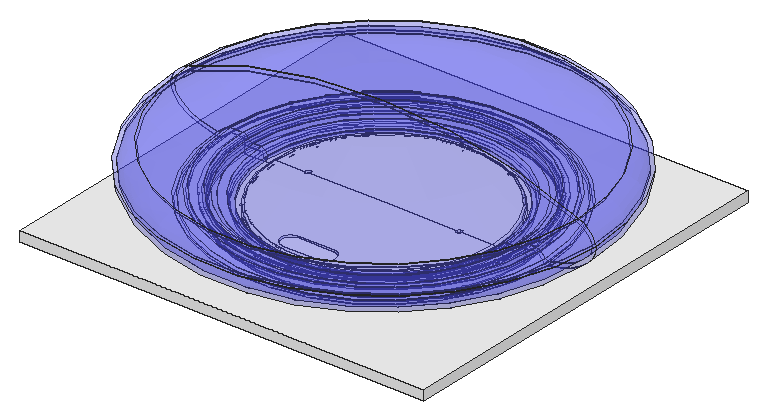
Revit family "BE_23414_de_DE", category Leuchten, Revit 2020
Family settings
  Basisbauteil = Fläche
  Bemaßung runder Anschluss = Durchmesser verwenden
  Teiletyp = Normal
  Beim Laden mit Abzugskörper schneiden = Ja
  Lichtquelle = Ja
  Gemeinsam genutzt = Nein
  Raumberechnungspunkt = Ja
Parameters (values of type "BEGA_23414_K3")
  built-in parameter 1150104 = 12.626 (stored number, unit not read)
  Wattage = 17.4 W
  Default Elevation = 0 mm
  built-in parameter 1150113 = 1 (stored number, unit not read)
  built-in parameter 1114218 = 1 (stored number, unit not read)
  Umgebungstemperatur = "25 °C"
  URL = "http://www.bega.de/de/produkt/23414"
  Typenkommentare = "© 2022 BEGA. Wir behalten uns das Recht vor, technische Änderungen ohne vorherige Ankündigung vorzunehmen."  # constant formula
  built-in parameter 1150134 = 12
  built-in parameter 1150109 = 1 (stored number, unit not read)
  Strom = ""
  built-in parameter 1150110 = 1 (stored number, unit not read)
  Spannung = 239.996 V
  Sonderanfertigung = no
  Seriennummer [instance] = "Hier können Sie die eindeutige Seriennummer für das Facility Management eintragen."
  Schutzklasse = "I"
  Schutzart = "IP 20"
  Scheinlast = 0 VA
  Produktdatenblatt = "http://www.bega.de/download/Xrfa/db/23414.db.de.pdf"
  Oberflächentemperatur = ""
  Neigungswinkel = 0.00°
  Model = "23414K4"
  Material_17 = BEGA_Reflektor
  Material_15 = BEGA_Leuchtmedium_matt
  Material_11 = BEGA_Glas_opal
  Material_09 = BEGA_Glas_klar
  Material_06 = BEGA_Oberfläche_Edelstahl_gebürstet
  Material_05 = BEGA_Oberfläche_Aluminium Guss
  Material_03 = BEGA_Oberfläche_Weiss_matt
  Material_02 = BEGA_Oberfläche_Silber_matt
  Material_01 [instance] = BEGA_Oberfläche_Grafit_matt
  M_W = no
  M_G = no
  M_A = no
  Logo = 0
  built-in parameter 1114217 = 1 (stored number, unit not read)
  built-in parameter 1150139 = (empty or 0)
  built-in parameter 1150105 = 711.9 (stored number, unit not read)
  built-in parameter 1150114 = 1 (stored number, unit not read)
  Lumens = 2364.66 lm
  built-in parameter 1150115 = 1 (stored number, unit not read)
  Leuchtenlichtstrom = "1710 lm"
  Leuchtenanzahl = ""
  Lebensdauerkriterien = "L70B50 @ 25 °C = 325000 h"
  Lastklassifizierung = Beleuchtung
  built-in parameter 1150112 = 1 (stored number, unit not read)
  Lampenlichtstrom = "2230 lm"
  Lamp = "LED 17.4 W"
  LED_Modulbezeichnung = "LED-0530/940"
  Hersteller = "BEGA"  # constant formula
  Halbstreuwinkel = ""
  Gewicht = "3.5 kg"
  Gebrauchslageneinschränkung [instance] = ""
  Frequenz = "0/50-60 Hz"
  Farbwiedergabeindex = "CRI > 90"
  Farbtemperaturverschiebung bei Dämpfen der Lampe = <Keine Auswahl>
  Farbtemperatur = "4000 K"
  Color Filter = 16777215
  built-in parameter 1150133 = 10 (stored number, unit not read)
  Energieeffizienzklasse = "LED A++ - A"
  built-in parameter 1150137 = (empty or 0)
  built-in parameter 1150132 = (empty or 0)
  ENEC = "ja"
  Dimmbar [instance] = ""
  Photometric Web File = "BE_23414K4.IES"
  CE_Konformität = "ja"
  Bestellnummer = "23414K4"
  Beschreibung_Sonderanfertigung = "Hier können Sie Informationen zur Sonderanfertigung eintragen."
  Beschreibung = "Decken- und Wandleuchte"
  built-in parameter 1150106 = 7.119 (stored number, unit not read)
  Befestigungsbohrung = "Ø 5,5 mm"
  Befestigungsabstand = "150 mm"
  Ballwurfsicher = ""
  BEGA_Intern_aus = yes
  BEGA_Intern_an = yes
  BEGA_Intern_Konstruktion = yes
  BEGA_Intern = yes
  BEGA_IES = yes
  BEGA_Dummy = no
  Anschlussleitung = ""
  Anschlussleistung [instance] = "20 W"
  Anschlusskasten = ""
  built-in parameter 1150107 = 4000 (stored number, unit not read)
  built-in parameter 1150102 = (empty or 0)
  built-in parameter 1150138 = (empty or 0)
  Aktualisierung = "2019-07-05T04:00:16"
  Abstand_zur_angestrahlten_Fläche [instance] = ""
  AC/DC = "AC/DC"
Reference planes
  plane 1 "Mitte (Vorne/Hinten)": y = 0
  plane 2: z = 0
  plane 3 "Mitte (Links/Rechts)": x = 0
  plane 4 "Links": x = -210.215
  plane 5 "Rechts": x = 210.215
  plane 6 "Unten": y = -210.2
  plane 7 "Oben": y = 210.2
  plane 8 "Vorne": z = 97.74
  plane 9 "Hinten": z = 0
Forms (mm)
  Extrusion 1, solid, material "BEGA_Platte_Weiss"
    sketch origin (0, -1119.2, 0) x (1, 0, 0) y (0, 1, 0)
      loop
        line (-200, 1319.2) -> (-200, 919.2) -> (200, 919.2) -> (200, 1319.2) -> (-200, 1319.2)
    from 0 to -10
  Extrusion 2, solid, material "BEGA_Dummy_matt", visible <- "BEGA_Dummy"
    sketch origin (77.149, -76.023, 0) x (1, 0, 0) y (0, 1, 0)
      loop
        circle (-77.149, 76.023) r 210
    from 0 to 97.74
Dimensions and locks
  plane 1 "Mitte (Vorne/Hinten)" to Extrusion 1 = 200 mm
  aligned and locked: plane 2 to Extrusion 1
  aligned and locked: level to Extrusion 1
Nested families
  nested 1: "BE_23414" at (0, 0, 0), type "BE_23414"
Connectors
  electrical at (0, 0, 0), driven by "Lastklassifizierung", driven by "Spannung", driven by "Scheinlast"
    settings: index 1, voltage 239.996 V, apparent load 0 VA, apparent load phase1 0 VA, apparent load phase2 0 VA, apparent load phase3 0 VA, power factor 1, load classification "Beleuchtung", number of poles 1, system type 31, power factor state 1, is connector primary yes, connector utility no, sub classification motor no, connector description ""
Definition of nested family "BE_23414"
  Parameters (values of type "BE_23414")
    Default Elevation = 1 mm
    URL = "http://www.bega.de/de/produkt"
    Type Comments = "© 2015 BEGA. Wir behalten uns das Recht vor, technische Änderungen ohne vorherige Ankündigung vorzunehmen. "  # constant formula
    Type Image = (empty or 0)
    Neigungswinkel_um_Z2 = 0.00°
    Neigungswinkel_um_Z1 = 0.00°
    Neigungswinkel_um_Y2 = 0.00°
    Neigungswinkel_um_Y1 = 0.00°
    Neigungswinkel_um_X2 = 0.00°
    Neigungswinkel_um_X1 = 0.00°
    Material_17 = none
    Material_15 = none
    Material_11 = none
    Material_09 = none
    Material_06 = none
    Material_05 = none
    Material_03 = none
    Material_02 = none
    Material_01 = none
    M_W = yes
    M_G = yes
    M_A = yes
    Länge_Platte = 500 mm  # constant formula
    Höhe_Platte = -10 mm  # constant formula
    Manufacturer = "BEGA"  # constant formula
    Drehwinkel_um_Z2 = 0.00°
    Drehwinkel_um_Z1 = 0.00°
    Breite_Platte = 500 mm  # constant formula
  Reference planes
    plane 1 "Mitte (Oben/Unten)": y = 0
    plane 2: z = 0
    plane 3 "Mitte (Links/Rechts)": x = 0
    plane 4: x = -210.215
    plane 5: z = 97.74
    plane 6: x = 210.215
    plane 7: y = -210.2
    plane 8: y = 210.2
  Forms (mm)
    Extrusion 1, solid, detail levels medium
      sketch origin (0, 0, 0) x (1, 0, 0) y (0, 1, 0)
        loop
          line (-250, 250) -> (-250, -250) -> (250, -250) -> (250, 250) -> (-250, 250)
      from 0 to -10 <- "Höhe_Platte"
    Revolve 2, solid, material <- "Material_03", detail levels medium+fine
      sketch origin (0, 0, 0) x (1, 0, 0) y (0, 0, 1)
        loop
          arc (-139.675, 3.433) -> (-139.066, 2.062) -> (-137.676, 1.5) r 2
          line (-137.676, 1.5) -> (-110.724, 1.5)
          arc (-110.724, 1.5) -> (-109.334, 2.062) -> (-108.725, 3.433) r 2
          line (-108.725, 3.433) -> (-108.652, 5.534)
          arc (-108.652, 5.534) -> (-108.352, 6.215) -> (-107.665, 6.5) r 1
          line (-107.665, 6.5) -> (0, 6.5) -> (0, 7.75) -> (-107.894, 7.75)
          arc (-107.894, 7.75) -> (-109.284, 7.188) -> (-109.893, 5.817) r 2
          line (-109.893, 5.817) -> (-109.966, 3.713)
          arc (-109.966, 3.713) -> (-110.272, 3.03) -> (-110.966, 2.75) r 1
          line (-110.966, 2.75) -> (-137.434, 2.75)
          arc (-137.434, 2.75) -> (-138.129, 3.031) -> (-138.434, 3.716) r 1
          line (-138.434, 3.716) -> (-138.813, 14.567)
          arc (-138.813, 14.567) -> (-139.415, 15.932) -> (-140.794, 16.5) r 2
          line (-140.794, 16.5) -> (-144, 16.5) -> (-143.976, 15.25) -> (-140.811, 15.25)
          arc (-140.811, 15.25) -> (-140.291, 15.04) -> (-140.062, 14.526) r 0.75
          line (-140.062, 14.526) -> (-139.675, 3.433)
        axis (0, 1.5) -> (0, 16.5)
      angle from 0 to 360
    Revolve 3, solid, material <- "Material_03", detail levels medium+fine
      sketch origin (58.505, 36.446, 0) x (0.573577, -0.819152, 0) y (0, 0, 1)
        loop
          arc (-108.84, 2.037) -> (-105.568, 0.52) -> (-102, 0) r 12.498
          line (-102, 0) -> (-102, 2.037) -> (-108.84, 2.037)
        axis (-102, 0) -> (-102, 2.037)
      angle from 0 to 360
    Extrusion 4, void
      sketch origin (0, 0, 0) x (1, 0, 0) y (0, 1, 0)
        loop
          line (17, -83) -> (-17, -83)
          arc (-17, -83) -> (-27, -93) -> (-17, -103) r 10
          line (-17, -103) -> (17, -103)
          arc (17, -103) -> (27, -93) -> (17, -83) r 10
        loop
          circle (75, 0) r 2.75
        loop
          circle (-75, 0) r 2.75
      from 0 to 10
    Revolve 5, solid, material <- "Material_11", detail levels medium+fine
      sketch origin (0, 0, 0) x (1, 0, 0) y (0, 0, 1)
        loop
          spline (0, 97.74) -> (-16.977, 97.476) -> (-33.914, 96.685) -> (-50.773, 95.367) -> (-67.514, 93.528) -> (-84.099, 91.17) -> (-100.489, 88.3) -> (-116.646, 84.923) -> (-132.533, 81.048) -> (-148.112, 76.683) -> (-163.349, 71.839) -> (-178.207, 66.528) -> (-192.652, 60.76)
          spline (-192.652, 60.76) -> (-195.132, 59.634) -> (-197.461, 58.406) -> (-199.626, 57.083) -> (-201.618, 55.673) -> (-203.424, 54.183) -> (-205.035, 52.621) -> (-206.443, 50.994) -> (-207.641, 49.312) -> (-208.621, 47.584) -> (-209.38, 45.818) -> (-209.912, 44.024) -> (-210.215, 42.211)
          spline (-210.215, 42.211) -> (-210.188, 38.414) -> (-209.323, 34.644) -> (-207.632, 30.95) -> (-205.135, 27.379) -> (-201.867, 23.977) -> (-197.867, 20.789) -> (-193.19, 17.856) -> (-187.893, 15.215) -> (-182.047, 12.901) -> (-175.727, 10.943) -> (-169.014, 9.367) -> (-161.994, 8.193)
          arc (-161.994, 8.193) -> (-160.626, 8.319) -> (-159.458, 9.042) r 3
          line (-159.458, 9.042) -> (-152.885, 15.615)
          arc (-152.885, 15.615) -> (-151.912, 16.269) -> (-150.763, 16.5) r 3
          line (-150.763, 16.5) -> (-138.5, 16.5)
          arc (-138.5, 16.5) -> (-137.439, 16.061) -> (-137, 15) r 1.5
          line (-137, 15) -> (-137, 11.5)
          arc (-137, 11.5) -> (-136.561, 10.439) -> (-135.5, 10) r 1.5
          line (-135.5, 10) -> (-120.5, 10)
          arc (-120.5, 10) -> (-119.439, 9.561) -> (-119, 8.5) r 1.5
          line (-119, 8.5) -> (-119, 4.5) -> (-115, 4.5) -> (-115, 8.172)
          arc (-115, 8.172) -> (-116.816, 12.303) -> (-120.998, 14) r 6
          line (-120.998, 14) -> (-128.97, 14)
          arc (-128.97, 14) -> (-131.686, 14.806) -> (-133.527, 16.959) r 5
          arc (-133.527, 16.959) -> (-135.741, 19.538) -> (-139, 20.5) r 6
          line (-139, 20.5) -> (-151.596, 20.5)
          arc (-151.596, 20.5) -> (-153.51, 20.115) -> (-155.13, 19.027) r 5
          line (-155.13, 19.027) -> (-160.14, 14.016)
          arc (-160.14, 14.016) -> (-161.765, 12.927) -> (-163.684, 12.544) r 5
          spline (-163.684, 12.544) -> (-170.174, 13.748) -> (-176.352, 15.313) -> (-182.13, 17.213) -> (-187.422, 19.419) -> (-192.159, 21.886) -> (-196.273, 24.562) -> (-199.703, 27.395) -> (-202.414, 30.315) -> (-204.396, 33.254) -> (-205.665, 36.154) -> (-206.267, 38.995) -> (-206.237, 41.8)
          spline (-206.237, 41.8) -> (-206.016, 43.122) -> (-205.62, 44.455) -> (-205.04, 45.802) -> (-204.268, 47.16) -> (-203.3, 48.52) -> (-202.13, 49.87) -> (-200.759, 51.2) -> (-199.189, 52.494) -> (-197.429, 53.741) -> (-195.487, 54.927) -> (-193.372, 56.041) -> (-191.1, 57.074)
          spline (-191.1, 57.074) -> (-176.778, 62.792) -> (-162.045, 68.058) -> (-146.934, 72.86) -> (-131.482, 77.188) -> (-115.724, 81.03) -> (-99.696, 84.379) -> (-83.437, 87.225) -> (-66.983, 89.563) -> (-50.374, 91.387) -> (-33.648, 92.693) -> (-16.843, 93.478) -> (0, 93.74)
          line (0, 93.74) -> (0, 97.74)
        axis (0, 97.74) -> (0, 4.5)
      angle from 0 to 360
    Revolve 6, solid, material <- "Material_03", detail levels medium+fine
      sketch origin (36.446, -58.505, 0) x (-0.819152, -0.573577, 0) y (0, 0, 1)
        loop
          arc (-108.84, 2.037) -> (-105.568, 0.52) -> (-102, 0) r 12.498
          line (-102, 0) -> (-102, 2.037) -> (-108.84, 2.037)
        axis (-102, 0) -> (-102, 2.037)
      angle from 0 to 360
    Revolve 7, solid, material <- "Material_03", detail levels medium+fine
      sketch origin (-36.446, 58.505, 0) x (0.819152, 0.573577, 0) y (0, 0, 1)
        loop
          arc (-108.84, 2.037) -> (-105.568, 0.52) -> (-102, 0) r 12.498
          line (-102, 0) -> (-102, 2.037) -> (-108.84, 2.037)
        axis (-102, 0) -> (-102, 2.037)
      angle from 0 to 360
    Revolve 8, solid, material <- "Material_03", detail levels medium+fine
      sketch origin (-58.505, -36.446, 0) x (-0.573577, 0.819152, 0) y (0, 0, 1)
        loop
          arc (-108.84, 2.037) -> (-105.568, 0.52) -> (-102, 0) r 12.498
          line (-102, 0) -> (-102, 2.037) -> (-108.84, 2.037)
        axis (-102, 0) -> (-102, 2.037)
      angle from 0 to 360
  Cuts and joins
    Extrusion 4 cuts Revolve 2
    joined: Revolve 2, Revolve 3, Revolve 6, Revolve 7, Revolve 8
  Dimensions and locks
    equal spacing: Extrusion 1 sketch curve, plane 3 "Mitte (Links/Rechts)", Extrusion 1 sketch curve
    equal spacing: Extrusion 1 sketch curve, plane 1 "Mitte (Oben/Unten)", Extrusion 1 sketch curve
    "Länge_Platte": Extrusion 1 sketch curve to Extrusion 1 sketch curve
    "Breite_Platte": Extrusion 1 sketch curve to Extrusion 1 sketch curve
    aligned and locked: Extrusion 1 to plane 2
    aligned and locked: level to Extrusion 1
  Automatic sketch dimensions
    Revolve 2 sketch curve to plane 3 "Mitte (Links/Rechts)" = 0 mm  (x2)
    level to Revolve 2 sketch curve = 2.75 mm
    Revolve 2 sketch curve to Revolve 2 sketch curve = 0.241 mm  (x3)
    level to Revolve 2 sketch curve = 3.716 mm
    Revolve 2 sketch curve to Revolve 2 sketch curve = 0.758 mm
    level to Revolve 2 sketch curve = 14.567 mm
    Revolve 2 sketch curve to Revolve 2 sketch curve = 0.379 mm
    level to Revolve 2 sketch curve = 3.433 mm  (x2)
    Revolve 2 sketch curve to Revolve 2 sketch curve = 1.241 mm  (x2)
    level to Revolve 2 sketch curve = 14.526 mm
    Revolve 2 sketch curve to Revolve 2 sketch curve = 1.249 mm
    Revolve 2 sketch curve to Revolve 2 sketch curve = 0.732 mm
    Revolve 2 sketch curve to Revolve 2 sketch curve = 0.749 mm
    Revolve 2 sketch curve to Revolve 2 sketch curve = 0 mm  (x3)
    Revolve 2 sketch curve to Revolve 2 sketch curve = 3.165 mm
    level to Revolve 2 sketch curve = 1.5 mm
    Revolve 2 sketch curve to Revolve 2 sketch curve = 0.026 mm
    Revolve 2 sketch curve to Revolve 2 sketch curve = 1.347 mm
    Revolve 2 sketch curve to Revolve 2 sketch curve = 1.25 mm
    Revolve 2 sketch curve to Revolve 2 sketch curve = 0.23 mm  (x2)
    Revolve 2 sketch curve to Revolve 2 sketch curve = 26.71 mm
    level to Revolve 2 sketch curve = 5.534 mm
    Revolve 2 sketch curve to Revolve 2 sketch curve = 0.988 mm
    Revolve 2 sketch curve to Revolve 2 sketch curve = 0.034 mm
    Revolve 2 sketch curve to Revolve 2 sketch curve = 0.073 mm
    Revolve 2 sketch curve to Revolve 2 sketch curve = 0.012 mm
    level to Revolve 2 sketch curve = 5.817 mm
    Revolve 2 sketch curve to Revolve 2 sketch curve = 2.228 mm
    Revolve 2 sketch curve to Revolve 2 sketch curve = 0.25 mm  (x2)
    level to Revolve 2 sketch curve = 3.713 mm
    Revolve 2 sketch curve to Revolve 2 sketch curve = 0.999 mm
    Revolve 2 sketch curve to Revolve 2 sketch curve = 0.024 mm
    Revolve 3 sketch curve to Revolve 3 sketch curve = 6.839 mm
    Revolve 3 sketch curve to Revolve 3 sketch curve = 6.84 mm
    Revolve 3 sketch curve to Revolve 3 sketch curve = 0 mm
    Revolve 3 sketch curve to Revolve 3 sketch curve = 0.59 mm
    Revolve 3 sketch curve to Revolve 3 sketch curve = 1.463 mm
    Revolve 3 sketch curve to Revolve 3 sketch curve = 2.037 mm
    Revolve 5 sketch curve to Revolve 5 sketch curve = 0 mm  (x20)
    Revolve 5 sketch curve to Revolve 5 sketch curve = 2.105 mm
    Revolve 5 sketch curve to Revolve 5 sketch curve = 1.438 mm
    Revolve 5 sketch curve to Revolve 5 sketch curve = 5.01 mm
    Revolve 5 sketch curve to Revolve 5 sketch curve = 2.245 mm
    Revolve 5 sketch curve to Revolve 5 sketch curve = 3.534 mm
    Revolve 5 sketch curve to Revolve 5 sketch curve = 1.299 mm
    Revolve 5 sketch curve to Revolve 5 sketch curve = 0.822 mm
    Revolve 5 sketch curve to Revolve 5 sketch curve = 0.828 mm
    Revolve 5 sketch curve to Revolve 5 sketch curve = 11.763 mm
    Revolve 5 sketch curve to Revolve 5 sketch curve = 0.5 mm  (x3)
    Revolve 5 sketch curve to Revolve 5 sketch curve = 3.5 mm  (x2)
    Revolve 5 sketch curve to Revolve 5 sketch curve = 6.53 mm
    Revolve 5 sketch curve to Revolve 5 sketch curve = 0.007 mm
    Revolve 5 sketch curve to Revolve 5 sketch curve = 7.972 mm
    Revolve 5 sketch curve to Revolve 5 sketch curve = 0.498 mm
    Revolve 5 sketch curve to Revolve 5 sketch curve = 1.998 mm
    Revolve 5 sketch curve to Revolve 5 sketch curve = 4 mm  (x2)
    Revolve 5 sketch curve to plane 3 "Mitte (Links/Rechts)" = 0 mm
    level to Revolve 5 sketch curve = 4.5 mm
    Revolve 5 sketch curve to Revolve 5 sketch curve = 3.672 mm
    level to Revolve 5 sketch curve = 11.164 mm
    Revolve 5 sketch curve to Revolve 5 sketch curve = 2.5 mm
    Revolve 5 sketch curve to Revolve 5 sketch curve = 1.38 mm
    Revolve 5 sketch curve to Revolve 5 sketch curve = 2.336 mm
    Revolve 5 sketch curve to Revolve 5 sketch curve = 2.853 mm
    Revolve 5 sketch curve to Revolve 5 sketch curve = 3 mm
    Revolve 5 sketch curve to Revolve 5 sketch curve = 2 mm
    Revolve 5 sketch curve to Revolve 5 sketch curve = 0.115 mm
    Revolve 5 sketch curve to Revolve 5 sketch curve = 5 mm
    Revolve 5 sketch curve to Revolve 5 sketch curve = 3.412 mm
    level to Revolve 5 sketch curve = 41.8 mm
    Revolve 5 sketch curve to Revolve 5 sketch curve = 15.274 mm
    Revolve 5 sketch curve to Revolve 5 sketch curve = 3.979 mm
    Revolve 5 sketch curve to Revolve 5 sketch curve = 0.076 mm
    Revolve 5 sketch curve to Revolve 5 sketch curve = 0.015 mm
    Revolve 5 sketch curve to level = 131.225 mm
    Revolve 5 sketch curve to Revolve 5 sketch curve = 138.928 mm
    Revolve 5 sketch curve to Revolve 5 sketch curve = 3.547 mm
    Revolve 5 sketch curve to Revolve 5 sketch curve = 1.552 mm
    Revolve 5 sketch curve to Revolve 5 sketch curve = 0.415 mm
    Revolve 5 sketch curve to Revolve 5 sketch curve = 2.537 mm
    Revolve 5 sketch curve to Revolve 5 sketch curve = 6.295 mm
    Revolve 5 sketch curve to Revolve 5 sketch curve = 1.5 mm  (x2)
    Revolve 5 sketch curve to plane 3 "Mitte (Links/Rechts)" = 0.001 mm
    Revolve 5 sketch curve to Revolve 5 sketch curve = 0.969 mm
    Revolve 5 sketch curve to Revolve 5 sketch curve = 2.971 mm
    Revolve 5 sketch curve to Revolve 5 sketch curve = 1.39 mm
    Revolve 2 sketch curve to plane 3 "Mitte (Links/Rechts)" = 107.653 mm
    Revolve 5 sketch curve to plane 3 "Mitte (Links/Rechts)" = 115 mm
    Revolve 5 sketch curve to Revolve 5 sketch curve = 27.416 mm
    Revolve 5 sketch curve to Revolve 5 sketch curve = 15.137 mm
    Revolve 5 sketch curve to Revolve 5 sketch curve = 21.292 mm
    level to Revolve 5 sketch curve = 93.74 mm
    Revolve 5 sketch curve to Revolve 5 sketch curve = 17.139 mm
    plane 1 "Mitte (Oben/Unten)" to Extrusion 4 sketch curve = 0 mm  (x2)
    Extrusion 4 sketch curve to plane 3 "Mitte (Links/Rechts)" = 75 mm
    Extrusion 4 sketch curve to plane 3 "Mitte (Links/Rechts)" = 17 mm
    plane 3 "Mitte (Links/Rechts)" to Extrusion 4 sketch curve = 17 mm
    plane 3 "Mitte (Links/Rechts)" to Extrusion 4 sketch curve = 75 mm
    plane 1 "Mitte (Oben/Unten)" to Extrusion 4 sketch curve = 83 mm
    Extrusion 4 sketch curve to Extrusion 4 sketch curve = 10 mm
    Revolve 6 sketch curve to Revolve 6 sketch curve = 6.839 mm
    Revolve 6 sketch curve to Revolve 6 sketch curve = 6.84 mm
    Revolve 6 sketch curve to Revolve 6 sketch curve = 0 mm
    Revolve 6 sketch curve to Revolve 6 sketch curve = 0.59 mm
    Revolve 6 sketch curve to Revolve 6 sketch curve = 1.463 mm
    Revolve 6 sketch curve to Revolve 6 sketch curve = 2.037 mm
    Revolve 7 sketch curve to Revolve 7 sketch curve = 6.839 mm
    Revolve 7 sketch curve to Revolve 7 sketch curve = 6.84 mm
    Revolve 7 sketch curve to Revolve 7 sketch curve = 0 mm
    Revolve 7 sketch curve to Revolve 7 sketch curve = 0.59 mm
    Revolve 7 sketch curve to Revolve 7 sketch curve = 1.463 mm
    Revolve 7 sketch curve to Revolve 7 sketch curve = 2.037 mm
    Revolve 8 sketch curve to Revolve 8 sketch curve = 6.839 mm
    Revolve 8 sketch curve to Revolve 8 sketch curve = 6.84 mm
    Revolve 8 sketch curve to Revolve 8 sketch curve = 0 mm
    Revolve 8 sketch curve to Revolve 8 sketch curve = 0.59 mm
    Revolve 8 sketch curve to Revolve 8 sketch curve = 1.463 mm
    Revolve 8 sketch curve to Revolve 8 sketch curve = 2.037 mm
    Revolve 3 sketch curve to level = 0 mm
    level to Revolve 6 sketch curve = 0 mm
    Revolve 7 sketch curve to level = 0 mm
    level to Revolve 8 sketch curve = 0 mm
    radius of Extrusion 4 sketch curve = 2.75 mm  (x2)
